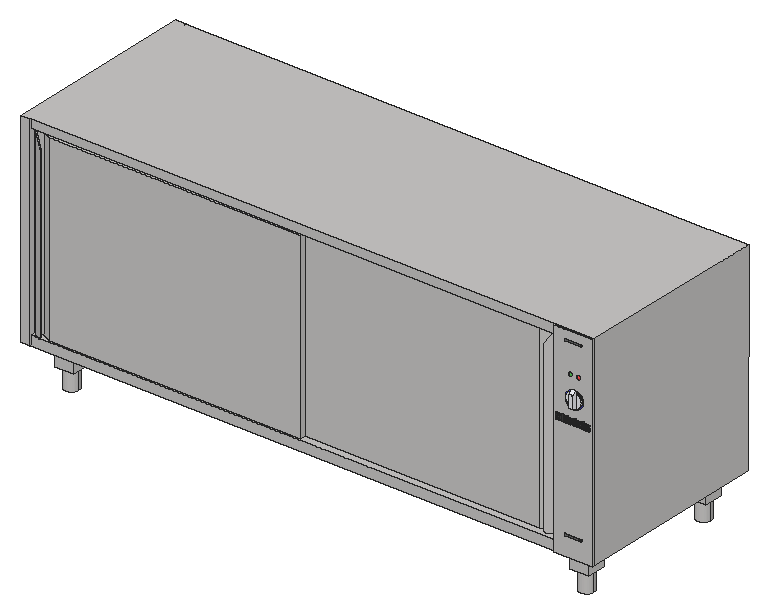
Revit family "QF_ELECTROLUXPROFESSIONAL_121923_TE2SE20DA", category Attrezzature speciali, Revit 2020
Family settings
  Quota connettore circolare = Usa diametro
  Tipo di parte = Normale
  Basato su piano di lavoro = No
  Sempre verticale = Sì
  Taglio con vuoti quando caricato = No
  Condiviso = No
  Punto di calcolo locali = No
Parameters (values of type "Standard")
  Weight = 138.00 kg
  Watts = 2000 W
  Volts = 230 V
  URL Manufacturer = "https://www.electroluxprofessional.com/"
  URL = "https://www.electroluxprofessional.com/"
  Steam Supply Size = 0 mm
  Steam Supply Minimum Pressure = 0.0 Pa
  Steam Supply Maximum Pressure = 0.0 Pa
  Steam Consumption per Hour = 0
  Refrigeration Suction Line Size = 0.0 mm
  Refrigeration Liquid Line Size = 0.0 mm
  Refrigerant Compressor Remote = yes
  Prospetto di default = 0.0 mm
  Phase = 1
  Modello = "TE2SE20DA"
  Produttore = "Electrolux Professional"
  Length Actual = 2000.0 mm  # constant formula
  Item Number = "121923"
  Hot Water Size = 0 mm
  Height Actual = 860.0 mm  # constant formula
  HP = "2.7 HP"
  Gas Size = 0 mm
  Gas KW = 0
  Gas Input Pressure = 0 W
  Direct Waste Size = 0 mm
  Descrizione = "HOT CUPB.PASSTH.2+2 SLIDING DOORS 2000MM"
  Depth Actual = 680.0 mm  # constant formula
  Cycle = 50 Hz
  Condensate Return Size = 0 mm
  Compressed Air Volume = 0.0 L/s
  Compressed Air Size = 0 mm
  Compressed Air Pressure = 0.0 Pa
  Cold Water Size = 0 mm
  Accessory = yes
Reference planes
  plane 1 "Center (Front/Back)": y = 0
  plane 2: z = 0
  plane 3 "Center (Left/Right)": x = -300
  plane 4 "LEFT": x = -1300
  plane 5 "RIGHT": x = 700
  plane 6 "BACK": y = 340
  plane 7 "FRONT": y = -340
  plane 8 "Base": z = 860
  plane 9 "TOP": z = 900
  plane 10: x = -1200
  plane 11: x = 600
  plane 12: y = 270
  plane 13: y = -240
  plane 14 "FEET": z = 150
  plane 15: x = -1266
  plane 16: y = -337
  plane 17: y = 310
  plane 18: x = 566
  plane 19 "EIy": x = 668
  plane 20 "EIx": y = -90
  plane 21: y = 337
Forms (mm)
  Extrusion 1, solid, material "QF_Finishes_Stainless Steel"
    sketch origin (0, 0, 150) x (-1, 0, 0) y (0, -1, 0)
      loop
        line (1300, -340) -> (1300, 340) -> (1266, 340) -> (1266, -340) -> (1300, -340)
      loop
        line (-566, -340) -> (-566, 337) -> (-700, 337) -> (-700, -340) -> (-566, -340)
    from 0 to 710
  Extrusion 2, solid, material "QF_Finishes_Stainless Steel"
    sketch origin (0, 0, 150) x (-1, 0, 0) y (0, -1, 0)
      loop
        line (1266, -310) -> (1266, 337) -> (-566, 337) -> (-566, -310) -> (1266, -310)
    from 0 to 35
  Extrusion 3, solid, material "QF_Finishes_Stainless Steel"
    sketch origin (0, 0, 0) x (1, 0, 0) y (0, 1, 0)
      loop
        line (-1266, -337) -> (566, -337) -> (566, 337) -> (-1266, 337) -> (-1266, -337)
    from 830 to 860
  Extrusion 4, solid, material "QF_Finishes_Stainless Steel"
    sketch origin (0, -340, 0) x (-1, 0, 0) y (0, 0, 1)
      loop
        line (301, 185) -> (301, 187) -> (299, 187) -> (299, 185) -> (301, 185)
    from 45 to 43
  Extrusion 5, solid, material "QF_Finishes_Stainless Steel"
    sketch origin (0, 0, 150) x (-1, 0, 0) y (0, -1, 0)
      loop
        circle (-668, 90) r 10
    from 0 to -5
  Extrusion 6, solid, material "QF_Finishes_Stainless Steel"
    sketch origin (0, 0, 150) x (-1, 0, 0) y (0, -1, 0)
      loop
        line (376.5, 317) -> (-498, 317) -> (-533, 302) -> (-563, 302) -> (-563, 297) -> (376.5, 297) -> (376.5, 317)
    from 675 to 40
  Extrusion 7, solid, material "QF_Finishes_Stainless Steel"
    sketch origin (0, 0, 150) x (-1, 0, 0) y (0, -1, 0)
      loop
        line (-521, 331) -> (-549, 316) -> (-563, 302) -> (-560.172, 302) -> (-547.795, 314.377) -> (-520.056, 329.237) -> (-521, 331)
    from 675 to 40
  Extrusion 8, solid, material "QF_Finishes_Stainless Steel"
    sketch origin (0, 0, 150) x (-1, 0, 0) y (0, -1, 0)
      loop
        line (323.481, 337) -> (323.481, 317) -> (1263, 317) -> (1263, 322) -> (1233, 322) -> (1198, 337) -> (323.481, 337)
    from 675 to 40
  Extrusion 9, solid, material "QF_Finishes_Stainless Steel"
    sketch origin (0, 0, 150) x (-1, 0, 0) y (0, -1, 0)
      loop
        line (1221, 351) -> (1220.056, 349.237) -> (1247.795, 334.377) -> (1260.172, 322) -> (1263, 322) -> (1249, 336) -> (1221, 351)
    from 675 to 40
  Extrusion 10, solid, material "QF_Finishes_Stainless Steel"
    sketch origin (0, 340, 0) x (-1, 0, 0) y (0, 0, -1)
      loop
        line (301, -185) -> (299, -185) -> (299, -187) -> (301, -187) -> (301, -185)
    from 45 to 43
  Extrusion 11, solid, material "QF_Finishes_Stainless Steel"
    sketch origin (0, 0, 150) x (-1, 0, 0) y (0, -1, 0)
      loop
        line (376.5, -317) -> (376.5, -297) -> (-563, -297) -> (-563, -302) -> (-533, -302) -> (-498, -317) -> (376.5, -317)
    from 675 to 40
  Extrusion 12, solid, material "QF_Finishes_Stainless Steel"
    sketch origin (0, 0, 150) x (-1, 0, 0) y (0, -1, 0)
      loop
        line (-521, -331) -> (-520.056, -329.237) -> (-547.795, -314.377) -> (-560.172, -302) -> (-563, -302) -> (-549, -316) -> (-521, -331)
    from 675 to 40
  Extrusion 13, solid, material "QF_Finishes_Stainless Steel"
    sketch origin (0, 0, 150) x (-1, 0, 0) y (0, -1, 0)
      loop
        line (323.481, -337) -> (1198, -337) -> (1233, -322) -> (1263, -322) -> (1263, -317) -> (323.481, -317) -> (323.481, -337)
    from 675 to 40
  Extrusion 14, solid, material "QF_Finishes_Stainless Steel"
    sketch origin (0, 0, 150) x (-1, 0, 0) y (0, -1, 0)
      loop
        line (1221, -351) -> (1249, -336) -> (1263, -322) -> (1260.172, -322) -> (1247.795, -334.377) -> (1220.056, -349.237) -> (1221, -351)
    from 675 to 40
  Extrusion 15, void
    sketch origin (-318.5, -342.5, 2435) x (-1, 0, 0) y (0, 0, 1)
      loop
        line (897, -1610) -> (897, -1661.75) -> (931.5, -1610) -> (897, -1610)
      loop
        line (901.556, -2245) -> (911.556, -2245)
        arc (911.556, -2245) -> (904.484, -2242.071) -> (901.556, -2235) r 10
        line (901.556, -2235) -> (901.556, -2245)
    from -13.118 to 9.689
  Extrusion 16, void
    sketch origin (-318.5, 342.5, 2436.5) x (-1, 0, 0) y (0, 0, -1)
      loop
        line (897, 1610) -> (931.5, 1610) -> (897, 1661.75) -> (897, 1610)
      loop
        line (901.556, 2245) -> (901.556, 2235)
        arc (901.556, 2235) -> (904.484, 2242.071) -> (911.556, 2245) r 10
        line (911.556, 2245) -> (901.556, 2245)
    from -13.118 to 9.689
  Extrusion 17, void
    sketch origin (-481.5, -342.5, 2430) x (1, 0, 0) y (0, 0, -1)
      loop
        line (997, 1605) -> (1031.5, 1605) -> (997, 1656.75) -> (997, 1605)
      loop
        line (1001.556, 2240) -> (1001.556, 2230)
        arc (1001.556, 2230) -> (1004.484, 2237.071) -> (1011.556, 2240) r 10
        line (1011.556, 2240) -> (1001.556, 2240)
    from 5.5 to 29.918
  Extrusion 18, void
    sketch origin (-481.5, 342.5, 2430) x (1, 0, 0) y (0, 0, 1)
      loop
        line (997, -1605) -> (997, -1656.75) -> (1031.5, -1605) -> (997, -1605)
      loop
        line (1001.556, -2240) -> (1011.556, -2240)
        arc (1011.556, -2240) -> (1004.484, -2237.071) -> (1001.556, -2230) r 10
        line (1001.556, -2230) -> (1001.556, -2240)
    from 5.5 to 29.918
Cuts and joins
  joined: Extrusion 1, Extrusion 3
  Extrusion 17 cuts Extrusion 7
  Extrusion 15 cuts Extrusion 9
  Extrusion 16 cuts Extrusion 14
  Extrusion 18 cuts Extrusion 12
Lines and regions (mm)
  symbolic lines, style "SpecialityEquipmentHiddenLines"
    curve 1: line (700, -340, 900) -> (700, 340, 900)
    curve 2: line (-1300, -344.5, 150) -> (-1300, 340, 150)
    curve 3: line (-1300, -340, 150) -> (-1266, -340, 150)
    curve 4: line (-1266, -340, 150) -> (-1266, -337, 150)
    curve 5: line (-1266, -337, 150) -> (566, -337, 150)
    curve 6: line (566, -337, 150) -> (566, -340, 150)
    curve 7: line (566, -340, 150) -> (700, -340, 150)
    curve 8: line (568, -340, 1600) -> (568, -337, 1600)
    curve 10: line (-1268, -337, 1600) -> (-1268, -340, 1600)
    curve 11: line (566, -297, 200) -> (-376.5, -297, 200)
    curve 12: line (-376.5, -297, 200) -> (-376.5, -317, 200)
    curve 13: line (499, -317, 200) -> (-1263, -317, 200)
    curve 17: line (-323.5, -317, 200) -> (-323.5, -337, 200)
    curve 18: line (498, -317, 1600) -> (533, -302, 1600)
    curve 19: line (533, -302, 1600) -> (563, -302, 1600)
    curve 20: line (563, -302, 1600) -> (563, -297, 1600)
    curve 21: line (520.958, -331.023, 1600) -> (548.999, -316.001, 1600)
    curve 22: line (548.999, -316.001, 1600) -> (563, -302, 1600)
    curve 23: line (560.172, -302, 1600) -> (547.795, -314.377, 1600)
    curve 24: line (547.795, -314.377, 1600) -> (519.992, -329.271, 1600)
    curve 25: line (519.992, -329.271, 1600) -> (520.958, -331.023, 1600)
    curve 26: line (-1263, -317, 1600) -> (-1263, -322, 1600)
    curve 27: line (-1263, -322, 1600) -> (-1249, -336, 1600)
    curve 28: line (-1249, -336, 1600) -> (-1247.133, -337, 1600)
    curve 29: line (-1242.884, -337, 1600) -> (-1247.955, -334.283, 1600)
    curve 30: line (-1247.955, -334.283, 1600) -> (-1260.239, -322, 1600)
    curve 31: line (-1198, -337, 1600) -> (-1233, -322, 1600)
    curve 32: line (-1233, -322, 1600) -> (-1263, -322, 1600)
    curve 33: line (-1300, 340, 150) -> (-1266, 340, 150)
    curve 34: line (-1266, 340, 150) -> (-1266, 337, 150)
    curve 35: line (-1266, 337, 150) -> (566, 337, 150)
    curve 36: line (566, 337, 150) -> (566, 340, 150)
    curve 37: line (566, 340, 150) -> (700, 340, 150)
    curve 38: line (568, 340, 1600) -> (568, 337, 1600)
    curve 40: line (-1268, 337, 1600) -> (-1268, 340, 1600)
    curve 41: line (566, 297, 200) -> (-376.5, 297, 200)
    curve 42: line (-376.5, 297, 200) -> (-376.5, 317, 200)
    curve 43: line (499, 317, 200) -> (-1263, 317, 200)
    curve 47: line (-323.5, 317, 200) -> (-323.5, 337, 200)
    curve 48: line (498, 317, 1600) -> (533, 302, 1600)
    curve 49: line (533, 302, 1600) -> (563, 302, 1600)
    curve 50: line (563, 302, 1600) -> (563, 297, 1600)
    curve 51: line (520.958, 331.023, 1600) -> (548.999, 316.001, 1600)
    curve 52: line (548.999, 316.001, 1600) -> (563, 302, 1600)
    curve 53: line (560.172, 302, 1600) -> (547.795, 314.377, 1600)
    curve 54: line (547.795, 314.377, 1600) -> (519.992, 329.271, 1600)
    curve 55: line (519.992, 329.271, 1600) -> (520.958, 331.023, 1600)
    curve 56: line (-1263, 317, 1600) -> (-1263, 322, 1600)
    curve 57: line (-1263, 322, 1600) -> (-1249, 336, 1600)
    curve 58: line (-1249, 336, 1600) -> (-1247.133, 337, 1600)
    curve 59: line (-1242.884, 337, 1600) -> (-1247.955, 334.283, 1600)
    curve 60: line (-1247.955, 334.283, 1600) -> (-1260.239, 322, 1600)
    curve 61: line (-1198, 337, 1600) -> (-1233, 322, 1600)
    curve 62: line (-1233, 322, 1600) -> (-1263, 322, 1600)
  symbolic lines, style "SpecialityEquipment"
    curve 9: line (568, -337, 1600) -> (-1268, -337, 1600)
    curve 14: line (-1247.133, -337, 1600) -> (-1220.985, -351.008, 1600)
    curve 15: line (-1220.985, -351.008, 1600) -> (-1220.038, -349.239, 1600)
    curve 16: line (-1242.884, -337, 1600) -> (-1220.038, -349.239, 1600)
    curve 39: line (568, 337, 1600) -> (-1268, 337, 1600)
    curve 44: line (-1247.133, 337, 1600) -> (-1220.985, 351.008, 1600)
    curve 45: line (-1220.985, 351.008, 1600) -> (-1220.038, 349.239, 1600)
    curve 46: line (-1242.884, 337, 1600) -> (-1220.038, 349.239, 1600)
Dimensions and locks
  plane 4 "LEFT" to plane 5 "RIGHT" = 2000.0 mm
  equal spacing: plane 4 "LEFT", plane 3 "Center (Left/Right)", plane 5 "RIGHT"
  plane 6 "BACK" to plane 7 "FRONT" = 680.0 mm
  equal spacing: plane 6 "BACK", plane 1 "Center (Front/Back)", plane 7 "FRONT"
  locked: plane 14 "FEET" to level at 150
  locked: plane 4 "LEFT" to plane 10 at 100
  locked: plane 11 to plane 5 "RIGHT" at 100
  locked: plane 4 "LEFT" to plane 15 at 34
  plane 16 to plane 7 "FRONT" = 3.0 mm
  plane 6 "BACK" to plane 17 = 30.0 mm
  locked: plane 6 "BACK" to plane 12 at 70
  locked: plane 13 to plane 7 "FRONT" at 100
  locked: plane 8 "Base" to level at 860
  locked: plane 9 "TOP" to level at 900
  locked: plane 18 to plane 5 "RIGHT" at 134
  locked: plane 19 "EIy" to plane 5 "RIGHT" at 32
  locked: plane 20 "EIx" to plane 7 "FRONT" at 250
  aligned and locked: level to plane 2
  aligned and locked: plane 10 to nested 1
  aligned and locked: plane 11 to nested 2
  aligned and locked: nested 4 to plane 12
  aligned and locked: plane 10 to nested 3
  aligned and locked: nested 3 to plane 12
  aligned and locked: plane 8 "Base" to Extrusion 1
  aligned and locked: plane 6 "BACK" to Extrusion 1 sketch curve
  aligned and locked: Extrusion 1 sketch curve to plane 6 "BACK"
  aligned and locked: Extrusion 1 sketch curve to plane 7 "FRONT"
  aligned and locked: plane 15 to Extrusion 1
  aligned and locked: Extrusion 2 to plane 15
  aligned and locked: plane 8 "Base" to Extrusion 3
  aligned and locked: Extrusion 2 to plane 16
  aligned and locked: Extrusion 2 to plane 17
  aligned and locked: Extrusion 3 to plane 16
  aligned and locked: nested 1 to plane 13
  aligned and locked: nested 2 to plane 13
  aligned and locked: plane 18 to Extrusion 3
  aligned and locked: Extrusion 2 sketch curve to plane 18
  aligned and locked: plane 11 to nested 4
Automatic sketch dimensions
  curve 1 to plane 5 "RIGHT" = 0.0 mm
  curve 1 to plane 7 "FRONT" = 0.0 mm
  curve 1 to plane 6 "BACK" = 0.0 mm
  Extrusion 1 sketch curve to plane 5 "RIGHT" = 0.0 mm
  Extrusion 1 sketch curve to plane 16 = 0.0 mm
  Extrusion 1 sketch curve to plane 18 = 0.0 mm
  Extrusion 1 sketch curve to plane 15 = 0.0 mm
  Extrusion 1 sketch curve to plane 4 "LEFT" = 0.0 mm
  Extrusion 2 sketch curve to plane 15 = 0.0 mm
  plane 17 to Extrusion 2 sketch curve = 0.0 mm
  Extrusion 2 sketch curve to plane 16 = 0.0 mm
  curve 7 to plane 5 "RIGHT" = 0.0 mm
  curve 37 to plane 5 "RIGHT" = 0.0 mm
  curve 37 to plane 6 "BACK" = 0.0 mm
  curve 37 to plane 18 = 0.0 mm
  curve 7 to plane 7 "FRONT" = 0.0 mm
  curve 7 to plane 18 = 0.0 mm
  curve 5 to plane 15 = 0.0 mm
  curve 33 to plane 6 "BACK" = 0.0 mm
  curve 33 to plane 15 = 0.0 mm
  curve 2 to plane 4 "LEFT" = 0.0 mm
  curve 34 to plane 21 = 0.0 mm
  curve 4 to plane 16 = 0.0 mm
  curve 4 to plane 7 "FRONT" = 0.0 mm
  curve 3 to curve 2 = 4.5 mm
  Extrusion 3 sketch curve to plane 15 = 0.0 mm
  Extrusion 3 sketch curve to plane 18 = 0.0 mm
  Extrusion 3 sketch curve to plane 16 = 0.0 mm
  Extrusion 3 sketch curve to plane 21 = 0.0 mm
  plane 3 "Center (Left/Right)" to Extrusion 4 sketch curve = 1.0 mm
  Extrusion 4 sketch curve to plane 3 "Center (Left/Right)" = 1.0 mm
  plane 14 "FEET" to Extrusion 4 sketch curve = 35.0 mm
  Extrusion 4 sketch curve to Extrusion 4 sketch curve = 2.0 mm
  Extrusion 5 sketch curve to plane 19 "EIy" = 0.0 mm
  Extrusion 5 sketch curve to plane 20 "EIx" = 0.0 mm
  Extrusion 6 sketch curve to plane 18 = 3.0 mm
  Extrusion 6 sketch curve to Extrusion 6 sketch curve = 30.0 mm
  Extrusion 6 sketch curve to Extrusion 6 sketch curve = 35.0 mm
  Extrusion 6 sketch curve to plane 3 "Center (Left/Right)" = 76.5 mm
  plane 16 to Extrusion 6 sketch curve = 40.0 mm
  Extrusion 6 sketch curve to Extrusion 6 sketch curve = 5.0 mm
  Extrusion 6 sketch curve to Extrusion 6 sketch curve = 20.0 mm
  Extrusion 7 sketch curve to plane 18 = 3.0 mm
  Extrusion 7 sketch curve to Extrusion 7 sketch curve = 2.828 mm
  Extrusion 7 sketch curve to plane 18 = 17.0 mm
  Extrusion 7 sketch curve to Extrusion 7 sketch curve = 1.205 mm
  plane 16 to Extrusion 7 sketch curve = 6.0 mm
  Extrusion 7 sketch curve to Extrusion 7 sketch curve = 26.795 mm
  plane 16 to Extrusion 7 sketch curve = 7.763 mm
  Extrusion 7 sketch curve to Extrusion 7 sketch curve = 0.944 mm
  Extrusion 7 sketch curve to Extrusion 7 sketch curve = 12.377 mm
  Extrusion 8 sketch curve to plane 16 = 0.0 mm
  Extrusion 8 sketch curve to plane 3 "Center (Left/Right)" = 23.481 mm
  plane 10 to Extrusion 8 sketch curve = 2.0 mm
  plane 16 to Extrusion 8 sketch curve = 15.0 mm
  Extrusion 8 sketch curve to plane 10 = 33.0 mm
  plane 15 to Extrusion 8 sketch curve = 3.0 mm
  Extrusion 8 sketch curve to Extrusion 8 sketch curve = 20.0 mm
  Extrusion 9 sketch curve to plane 10 = 20.056 mm
  Extrusion 9 sketch curve to plane 7 "FRONT" = 11.0 mm
  Extrusion 9 sketch curve to Extrusion 9 sketch curve = 0.944 mm
  plane 16 to Extrusion 9 sketch curve = 2.623 mm
  plane 15 to Extrusion 9 sketch curve = 18.205 mm
  plane 16 to Extrusion 9 sketch curve = 1.0 mm
  plane 15 to Extrusion 9 sketch curve = 5.828 mm
  Extrusion 9 sketch curve to Extrusion 9 sketch curve = 2.828 mm
  plane 16 to Extrusion 9 sketch curve = 15.0 mm
  curve 8 to plane 7 "FRONT" = 0.0 mm
  curve 8 to plane 16 = 0.0 mm
  curve 39 to plane 21 = 0.0 mm
  curve 38 to plane 6 "BACK" = 0.0 mm
  curve 10 to plane 7 "FRONT" = 0.0 mm
  curve 40 to plane 6 "BACK" = 0.0 mm
  plane 18 to curve 8 = 2.0 mm
  plane 18 to curve 39 = 2.0 mm
  curve 22 to plane 18 = 3.0 mm
  curve 52 to plane 18 = 3.0 mm
  curve 51 to plane 17 = 6.001 mm
  curve 51 to plane 18 = 17.001 mm
  curve 22 to plane 18 = 17.001 mm
  curve 53 to plane 17 = 4.377 mm
  curve 51 to curve 53 = 1.204 mm
  curve 21 to curve 24 = 1.204 mm
  plane 17 to curve 48 = 8.0 mm
  curve 53 to curve 48 = 14.795 mm
  curve 23 to curve 18 = 14.795 mm
  plane 16 to curve 25 = 5.977 mm
  curve 18 to curve 25 = 12.042 mm
  curve 55 to plane 21 = 5.977 mm
  curve 48 to curve 55 = 12.042 mm
  curve 55 to plane 21 = 7.729 mm
  curve 51 to curve 55 = 0.966 mm
  plane 16 to curve 24 = 7.729 mm
  curve 21 to curve 24 = 0.966 mm
  curve 15 to plane 7 "FRONT" = 9.239 mm
  curve 15 to plane 10 = 20.038 mm
  plane 6 "BACK" to curve 46 = 9.239 mm
  curve 46 to plane 10 = 20.038 mm
  curve 15 to plane 7 "FRONT" = 11.008 mm
  curve 15 to curve 15 = 0.948 mm
  plane 6 "BACK" to curve 44 = 11.008 mm
  curve 45 to curve 44 = 0.948 mm
  curve 62 to curve 46 = 9.884 mm
  plane 16 to curve 31 = 15.0 mm
  curve 31 to curve 16 = 9.884 mm
  curve 60 to plane 21 = 2.717 mm
  curve 44 to curve 60 = 0.822 mm
  plane 16 to curve 29 = 2.717 mm
  curve 14 to curve 29 = 0.822 mm
  curve 57 to plane 21 = 1.0 mm
  curve 59 to curve 57 = 1.045 mm
  plane 16 to curve 27 = 1.0 mm
  curve 29 to curve 27 = 1.045 mm
  plane 15 to curve 56 = 3.0 mm
  plane 15 to curve 32 = 3.0 mm
  curve 40 to plane 15 = 2.0 mm
  curve 9 to plane 15 = 2.0 mm
  curve 61 to plane 17 = 12.0 mm
  curve 19 to curve 24 = 27.271 mm
  curve 23 to curve 23 = 12.377 mm
  curve 23 to curve 21 = 1.624 mm
  curve 49 to curve 53 = 2.828 mm
  curve 19 to curve 23 = 2.828 mm
  curve 48 to plane 17 = 7.0 mm
  curve 54 to curve 48 = 21.992 mm
  plane 16 to curve 18 = 20.0 mm
  curve 24 to curve 18 = 21.992 mm
  plane 10 to curve 61 = 2.0 mm
  plane 10 to curve 31 = 2.0 mm
  curve 59 to curve 46 = 0.0 mm
  curve 29 to curve 16 = 0.0 mm
  curve 58 to curve 44 = 0.0 mm
  curve 28 to curve 14 = 0.0 mm
  curve 60 to curve 56 = 2.761 mm
  curve 30 to curve 26 = 2.761 mm
  curve 56 to curve 56 = 5.0 mm
  curve 49 to curve 50 = 5.0 mm
  curve 20 to curve 19 = 5.0 mm
  curve 26 to curve 26 = 5.0 mm
  curve 11 to plane 18 = 0.0 mm
  curve 41 to plane 18 = 0.0 mm
  curve 17 to plane 16 = 0.0 mm
  curve 47 to plane 21 = 0.0 mm
  plane 17 to curve 41 = 13.0 mm
  curve 41 to plane 3 "Center (Left/Right)" = 76.5 mm
  curve 11 to plane 3 "Center (Left/Right)" = 76.5 mm
  plane 16 to curve 11 = 40.0 mm
  plane 16 to curve 13 = 20.0 mm
  curve 13 to plane 18 = 67.0 mm
  curve 43 to plane 17 = 7.0 mm
  curve 43 to plane 18 = 67.0 mm
  curve 17 to plane 3 "Center (Left/Right)" = 23.5 mm
  curve 47 to plane 3 "Center (Left/Right)" = 23.5 mm
  plane 15 to curve 13 = 3.0 mm
  plane 15 to curve 43 = 3.0 mm
  plane 3 "Center (Left/Right)" to Extrusion 10 sketch curve = 1.0 mm
  Extrusion 10 sketch curve to plane 3 "Center (Left/Right)" = 1.0 mm
  plane 14 "FEET" to Extrusion 10 sketch curve = 37.0 mm
  Extrusion 10 sketch curve to Extrusion 10 sketch curve = 2.0 mm
  plane 18 to Extrusion 11 sketch curve = 3.0 mm
  Extrusion 11 sketch curve to plane 17 = 8.0 mm
  Extrusion 11 sketch curve to Extrusion 11 sketch curve = 30.0 mm
  plane 17 to Extrusion 11 sketch curve = 7.0 mm
  Extrusion 11 sketch curve to Extrusion 11 sketch curve = 35.0 mm
  Extrusion 11 sketch curve to plane 17 = 13.0 mm
  plane 3 "Center (Left/Right)" to Extrusion 11 sketch curve = 76.5 mm
  plane 18 to Extrusion 12 sketch curve = 3.0 mm
  Extrusion 12 sketch curve to Extrusion 12 sketch curve = 2.828 mm
  plane 17 to Extrusion 12 sketch curve = 6.0 mm
  plane 18 to Extrusion 12 sketch curve = 17.0 mm
  plane 17 to Extrusion 12 sketch curve = 4.377 mm
  Extrusion 12 sketch curve to Extrusion 12 sketch curve = 1.205 mm
  plane 21 to Extrusion 12 sketch curve = 6.0 mm
  Extrusion 12 sketch curve to Extrusion 12 sketch curve = 26.795 mm
  Extrusion 12 sketch curve to plane 17 = 8.0 mm
  Extrusion 13 sketch curve to plane 21 = 0.0 mm
  plane 3 "Center (Left/Right)" to Extrusion 13 sketch curve = 23.481 mm
  Extrusion 13 sketch curve to plane 10 = 2.0 mm
  plane 17 to Extrusion 13 sketch curve = 12.0 mm
  plane 10 to Extrusion 13 sketch curve = 33.0 mm
  Extrusion 13 sketch curve to plane 15 = 3.0 mm
  plane 17 to Extrusion 13 sketch curve = 7.0 mm
  plane 10 to Extrusion 14 sketch curve = 20.056 mm
  Extrusion 14 sketch curve to plane 6 "BACK" = 11.0 mm
  Extrusion 14 sketch curve to Extrusion 14 sketch curve = 0.944 mm
  plane 21 to Extrusion 14 sketch curve = 2.623 mm
  Extrusion 14 sketch curve to plane 15 = 18.205 mm
  plane 21 to Extrusion 14 sketch curve = 1.0 mm
  Extrusion 14 sketch curve to plane 15 = 5.828 mm
  Extrusion 14 sketch curve to Extrusion 14 sketch curve = 2.828 mm
  plane 17 to Extrusion 14 sketch curve = 12.0 mm
  Extrusion 15 sketch curve to plane 10 = 15.5 mm
  Extrusion 15 sketch curve to plane 10 = 20.056 mm
  Extrusion 15 sketch curve to Extrusion 15 sketch curve = 10.0 mm
  plane 15 to Extrusion 15 sketch curve = 16.0 mm
  plane 14 "FEET" to Extrusion 15 sketch curve = 40.0 mm
  Extrusion 15 sketch curve to plane 8 "Base" = 86.75 mm
  Extrusion 15 sketch curve to plane 8 "Base" = 35.0 mm
  Extrusion 16 sketch curve to plane 10 = 15.5 mm
  Extrusion 16 sketch curve to plane 10 = 20.056 mm
  Extrusion 16 sketch curve to Extrusion 16 sketch curve = 10.0 mm
  plane 15 to Extrusion 16 sketch curve = 16.0 mm
  Extrusion 16 sketch curve to plane 8 "Base" = 33.5 mm
  Extrusion 16 sketch curve to Extrusion 16 sketch curve = 51.75 mm
  plane 14 "FEET" to Extrusion 16 sketch curve = 51.5 mm
  Extrusion 17 sketch curve to plane 18 = 50.5 mm
  Extrusion 17 sketch curve to plane 18 = 45.944 mm
  Extrusion 17 sketch curve to Extrusion 17 sketch curve = 10.0 mm
  Extrusion 17 sketch curve to plane 18 = 16.0 mm
  Extrusion 17 sketch curve to plane 8 "Base" = 35.0 mm
  Extrusion 17 sketch curve to Extrusion 17 sketch curve = 51.75 mm
  plane 14 "FEET" to Extrusion 17 sketch curve = 50.0 mm
  Extrusion 18 sketch curve to plane 18 = 50.5 mm
  Extrusion 18 sketch curve to plane 18 = 45.944 mm
  Extrusion 18 sketch curve to Extrusion 18 sketch curve = 10.0 mm
  Extrusion 18 sketch curve to plane 18 = 16.0 mm
  plane 14 "FEET" to Extrusion 18 sketch curve = 40.0 mm
  Extrusion 18 sketch curve to plane 8 "Base" = 86.75 mm
  Extrusion 18 sketch curve to plane 8 "Base" = 35.0 mm
  radius of Extrusion 5 sketch curve = 10.0 mm
Nested families
  nested 1: "FEET_L65-150" at (-1200, -240, 0), type "FEET_L65-150"
  nested 2: "FEET_L65-150" at (600, -240, 0), type "FEET_L65-150"
  nested 3: "FEET_L65-150" at (-1200, 270, 0), type "FEET_L65-150"
  nested 4: "FEET_L65-150" at (600, 270, 0), type "FEET_L65-150"
  nested 5: "PANEL_ELX_HOTCUP_134" at (596.958, -337, 150) x (1, 0, 0) z (0, -1, 0), type "PANEL_ELX_HOTCUP_134"
    with Width 134.0 mm, Show Clearance yes
Connectors
  electrical at (668, -90, 145), driven by "Volts"
    settings: on Extrusion 5, index 1, voltage 230 V, apparent load 0 VA, apparent load phase1 0 VA, apparent load phase2 0 VA, apparent load phase3 0 VA, power factor 1, load classification "Other", number of poles 1, system type 30, power factor state 1, is connector primary yes, connector utility no, sub classification motor no, connector description "Electrical Connection"
Definition of nested family "FEET_L65-150"
  Parameters
    Default Elevation = 0.0 mm
    FEET = 150.0 mm
  Reference planes
    plane 1 "Center (Front/Back)": y = 0
    plane 2: z = 0
    plane 3 "Center (Left/Right)": x = 0
    plane 4: z = 150
  Forms (mm)
    Extrusion 1, solid
      sketch origin (0, 0, 0) x (1, 0, 0) y (0, 1, 0)
        loop
          circle (0, 0) r 25
      from 0 to 67
    Extrusion 2, solid
      sketch origin (0, 0, 0) x (1, 0, 0) y (0, 1, 0)
        loop
          line (32.561, 32.5) -> (-32.439, 32.5) -> (-32.439, -32.5) -> (32.561, -32.5) -> (32.561, 32.5)
      from 67 to 150 <- "FEET"
  Lines and regions (mm)
    symbolic lines
      curve 1: line (0, -1.503, 0) -> (0, 1.508, 0)
      curve 2: line (1.561, 0, 0) -> (-1.439, 0, 0)
  Dimensions and locks
    "FEET": plane 4 to plane 2
    aligned and locked: level to plane 2
  Automatic sketch dimensions
    plane 1 "Center (Front/Back)" to Extrusion 1 sketch curve = 0.0 mm
    Extrusion 1 sketch curve to plane 3 "Center (Left/Right)" = 0.0 mm
    plane 1 "Center (Front/Back)" to curve 2 = 0.0 mm
    curve 1 to plane 3 "Center (Left/Right)" = 0.0 mm
    curve 2 to plane 3 "Center (Left/Right)" = 1.439 mm
    plane 3 "Center (Left/Right)" to curve 2 = 1.561 mm
    plane 1 "Center (Front/Back)" to curve 1 = 1.503 mm
    curve 1 to plane 1 "Center (Front/Back)" = 1.508 mm
    Extrusion 2 sketch curve to plane 1 "Center (Front/Back)" = 32.5 mm
    Extrusion 2 sketch curve to plane 3 "Center (Left/Right)" = 32.439 mm
    plane 3 "Center (Left/Right)" to Extrusion 2 sketch curve = 32.561 mm
    plane 1 "Center (Front/Back)" to Extrusion 2 sketch curve = 32.5 mm
    radius of Extrusion 1 sketch curve = 25.0 mm
Definition of nested family "PANEL_ELX_HOTCUP_134"
  Parameters
    Width [instance] = 134.0 mm
    Show Clearance [instance] = yes
    Model = "727995"
    Height = 710.0 mm
    Default Elevation = 0.0 mm
  Reference planes
    plane 1 "Center (Front/Back)": y = 0
    plane 2: z = 0
    plane 3 "Center (Left/Right)": x = 36.042
    plane 4 "panel": z = 3
    plane 5 "Left": x = -30.958
    plane 6 "Right": x = 103.042
    plane 7: y = 710
    plane 8 "L1": x = 26.042
    plane 9 "L2": x = 54.042
    plane 10: y = 575
  Forms (mm)
    Extrusion 1, solid
      sketch origin (0, -919.2, 0) x (1, 0, 0) y (0, 1, 0)
        loop
          line (-980.5, 2119.2) -> (-980.5, -162.846) -> (881.94, -162.846) -> (881.94, 2119.2) -> (-980.5, 2119.2)
      from 0 to -59.546
    Extrusion 2, solid
      sketch origin (36.042, -190, 0) x (0, 1, 0) y (0, 0, 1)
        loop
          line (190, 3) -> (190, 0) -> (900, 0) -> (900, 3) -> (190, 3)
      from 67 to -67
    Extrusion 3, solid
      sketch origin (0, 0, 0) x (1, 0, 0) y (0, 1, 0)
        loop
          line (9.042, 673.5) -> (63.042, 673.5)
          arc (63.042, 673.5) -> (66.042, 676.5) -> (63.042, 679.5) r 3
          line (63.042, 679.5) -> (9.042, 679.5)
          arc (9.042, 679.5) -> (6.042, 676.5) -> (9.042, 673.5) r 3
        loop
          line (9.042, 65) -> (63.042, 65)
          arc (63.042, 65) -> (66.042, 68) -> (63.042, 71) r 3
          line (63.042, 71) -> (9.042, 71)
          arc (9.042, 71) -> (6.042, 68) -> (9.042, 65) r 3
      from 3 to 4.6
    Extrusion 4, solid
      sketch origin (0, 0, 0) x (1, 0, 0) y (0, 1, 0)
        loop
          circle (40.042, 500) r 30
      from 0 to 5
    Extrusion 5, solid
      sketch origin (0, 0, 0) x (1, 0, 0) y (0, 1, 0)
        loop
          circle (40.042, 500) r 26.788
      from 7 to 5
    Blend 6, solid
      base sketch origin (0, 0, 0) x (1, 0, 0) y (0, 1, 0)
        loop
          arc (48.106, 530.45) -> (40.022, 531.5) -> (31.94, 530.44) r 31.5
          line (31.94, 530.44) -> (31.94, 474.458)
          arc (31.94, 474.458) -> (40.023, 473.209) -> (48.106, 474.454) r 26.815
          line (48.106, 474.454) -> (48.106, 530.45)
      top sketch origin (0, 0, 0) x (1, 0, 0) y (0, 1, 0)
        loop
          arc (47.007, 520.889) -> (40.042, 522.019) -> (33.077, 520.889) r 22.019
          line (33.077, 520.889) -> (33.077, 480.699)
          arc (33.077, 480.699) -> (40.042, 479.481) -> (47.007, 480.699) r 20.519
          line (47.007, 480.699) -> (47.007, 520.889)
      from 7 to 20
    Revolve 7, solid
      sketch origin (26.042, 0, 0) x (0, 1, 0) y (0, 0, 1)
        loop
          line (575, 3) -> (581, 3)
          arc (581, 3) -> (578.606, 5.908) -> (575, 7) r 6.5
          line (575, 7) -> (575, 3)
        axis (575, 7) -> (575, 3)
      angle from 0 to 360
    Revolve 8, solid
      sketch origin (54.042, 0, 0) x (0, 1, 0) y (0, 0, 1)
        loop
          line (575, 3) -> (581, 3)
          arc (581, 3) -> (578.606, 5.908) -> (575, 7) r 6.5
          line (575, 7) -> (575, 3)
        axis (575, 7) -> (575, 3)
      angle from 0 to 360
  Dimensions and locks
    plane 4 "panel" to level = 3.0 mm
    "Width": plane 5 "Left" to plane 6 "Right"
    equal spacing: plane 5 "Left", plane 3 "Center (Left/Right)", plane 6 "Right"
    "Height": plane 1 "Center (Front/Back)" to plane 7
    aligned and locked: plane 2 to Extrusion 1
    aligned and locked: level to Extrusion 1
    aligned and locked: plane 7 to Extrusion 2
    aligned and locked: plane 6 "Right" to Extrusion 2
    aligned and locked: Extrusion 2 to plane 5 "Left"
    aligned and locked: plane 1 "Center (Front/Back)" to Extrusion 2
  Automatic sketch dimensions
    Extrusion 1 sketch curve to Extrusion 1 sketch curve = 1862.44 mm
    Extrusion 1 sketch curve to Extrusion 1 sketch curve = 2282.046 mm
    Extrusion 2 sketch curve to plane 1 "Center (Front/Back)" = 0.0 mm
    Extrusion 2 sketch curve to level = 0.0 mm
    Extrusion 2 sketch curve to plane 7 = 0.0 mm
    Extrusion 2 sketch curve to plane 4 "panel" = 0.0 mm
    Extrusion 3 sketch curve to plane 8 "L1" = 17.0 mm  (x2)
    plane 9 "L2" to Extrusion 3 sketch curve = 9.0 mm  (x2)
    Extrusion 3 sketch curve to plane 1 "Center (Front/Back)" = 65.0 mm
    Extrusion 3 sketch curve to Extrusion 3 sketch curve = 3.0 mm  (x2)
    Extrusion 3 sketch curve to plane 7 = 36.5 mm
    plane 3 "Center (Left/Right)" to Extrusion 4 sketch curve = 4.0 mm
    Extrusion 4 sketch curve to plane 10 = 75.0 mm
    plane 3 "Center (Left/Right)" to Extrusion 5 sketch curve = 4.0 mm
    Extrusion 5 sketch curve to plane 10 = 75.0 mm
    Blend 6 sketch curve to plane 3 "Center (Left/Right)" = 4.102 mm
    plane 3 "Center (Left/Right)" to Blend 6 sketch curve = 3.988 mm
    Blend 6 sketch curve to Blend 6 sketch curve = 0.012 mm
    Blend 6 sketch curve to plane 9 "L2" = 5.936 mm
    Blend 6 sketch curve to plane 10 = 100.546 mm
    Blend 6 sketch curve to Blend 6 sketch curve = 0.004 mm
    Blend 6 sketch curve to Blend 6 sketch curve = 0.024 mm
    Blend 6 sketch curve to Blend 6 sketch curve = 30.416 mm
    Blend 6 sketch curve to Blend 6 sketch curve = 0.0 mm  (x2)
    Blend 6 sketch curve to plane 3 "Center (Left/Right)" = 2.965 mm
    plane 3 "Center (Left/Right)" to Blend 6 sketch curve = 4.0 mm
    Blend 6 sketch curve to plane 9 "L2" = 7.035 mm
    Blend 6 sketch curve to plane 10 = 94.301 mm
    Blend 6 sketch curve to Blend 6 sketch curve = 19.301 mm
    Blend 6 sketch curve to Blend 6 sketch curve = 20.889 mm
    Revolve 7 sketch curve to plane 4 "panel" = 0.0 mm
    Revolve 7 sketch curve to plane 10 = 0.0 mm  (x2)
    plane 10 to Revolve 7 sketch curve = 6.0 mm
    level to Revolve 7 sketch curve = 0.5 mm
    Revolve 7 sketch curve to Revolve 7 sketch curve = 0.57 mm
    Revolve 7 sketch curve to Revolve 7 sketch curve = 2.941 mm
    Revolve 8 sketch curve to plane 4 "panel" = 0.0 mm
    Revolve 8 sketch curve to plane 10 = 0.0 mm  (x2)
    plane 10 to Revolve 8 sketch curve = 6.0 mm
    level to Revolve 8 sketch curve = 0.5 mm
    Revolve 8 sketch curve to Revolve 8 sketch curve = 0.57 mm
    Revolve 8 sketch curve to Revolve 8 sketch curve = 2.941 mm
    radius of Extrusion 4 sketch curve = 30.0 mm
    radius of Extrusion 5 sketch curve = 26.788 mm
  Nested families
    nested 1: "ELX_Professional_Logo_Small" at (36.042, 430.35, 3), type "ELX_Professional_Logo_Small"
      with Show Logo yes, Material_Logo none
  Definition of nested family "ELX_Professional_Logo_Small"
    Parameters
      Show Logo [instance] = yes
      Material_Logo [instance] = none
      Default Elevation = 0.0 mm
    Reference planes
      plane 1 "Centro (Fronte/Retro)": y = 0
      plane 2: z = 0
      plane 3 "Centro (Sinistra/Destra)": x = 0
    Forms (mm)
      Extrusion 1, solid
        sketch origin (0, 0, 0) x (1, 0, 0) y (0, 1, 0)
          loop
            line (-1219.2, 1219.2) -> (-1219.2, -1219.2) -> (1219.2, -1219.2) -> (1219.2, 1219.2) -> (-1219.2, 1219.2)
        from 0 to -304.8
      Extrusion 2, solid, material <- "Material_Logo"
        sketch origin (15.5, 0, 0) x (1, 0, 0) y (0, 1, 0)
          loop
            spline (-42.99, -1.24) -> (-43.195, -1.231) -> (-43.415, -1.203) -> (-43.642, -1.152) -> (-43.87, -1.074) -> (-44.095, -0.966) -> (-44.309, -0.825) -> (-44.506, -0.647) -> (-44.681, -0.429) -> (-44.828, -0.167) -> (-44.94, 0.142) -> (-45.011, 0.501) -> (-45.037, 0.915)
            line (-45.037, 0.915) -> (-45.037, 2.748) -> (-38.984, 2.748) -> (-38.984, 5.086) -> (-45.038, 5.086) -> (-45.038, 8.489) -> (-38.599, 8.489) -> (-38.599, 10.82) -> (-47.515, 10.82) -> (-47.515, 1.021)
            spline (-47.515, 1.021) -> (-47.493, 0.418) -> (-47.425, -0.15) -> (-47.311, -0.682) -> (-47.15, -1.175) -> (-46.939, -1.628) -> (-46.678, -2.038) -> (-46.365, -2.404) -> (-46, -2.723) -> (-45.58, -2.995) -> (-45.105, -3.216) -> (-44.573, -3.385) -> (-43.983, -3.499)
            line (-43.983, -3.499) -> (-43.01, -3.569) -> (-38.426, -3.569) -> (-38.426, -1.24) -> (-42.99, -1.24)
          loop
            line (-36.666, 4.021) -> (-36.666, -3.573) -> (-34.188, -3.573) -> (-34.188, 10.824) -> (-36.666, 10.824) -> (-36.666, 4.021)
          loop
            spline (-21.915, 1.897) -> (-21.957, 2.615) -> (-22.082, 3.303) -> (-22.285, 3.955) -> (-22.563, 4.564) -> (-22.913, 5.124) -> (-23.331, 5.629) -> (-23.814, 6.074) -> (-24.359, 6.451) -> (-24.961, 6.755) -> (-25.618, 6.98) -> (-26.326, 7.119) -> (-27.081, 7.167)
            spline (-27.081, 7.167) -> (-27.853, 7.122) -> (-28.586, 6.99) -> (-29.275, 6.774) -> (-29.915, 6.478) -> (-30.5, 6.104) -> (-31.024, 5.657) -> (-31.483, 5.138) -> (-31.871, 4.553) -> (-32.182, 3.904) -> (-32.411, 3.194) -> (-32.552, 2.427) -> (-32.6, 1.606)
            spline (-32.6, 1.606) -> (-32.553, 0.805) -> (-32.416, 0.057) -> (-32.193, -0.637) -> (-31.887, -1.271) -> (-31.504, -1.843) -> (-31.048, -2.35) -> (-30.523, -2.788) -> (-29.934, -3.154) -> (-29.284, -3.444) -> (-28.579, -3.656) -> (-27.822, -3.785) -> (-27.019, -3.829)
            spline (-27.019, -3.829) -> (-26.627, -3.82) -> (-26.239, -3.79) -> (-25.856, -3.739) -> (-25.477, -3.663) -> (-25.103, -3.562) -> (-24.734, -3.432) -> (-24.369, -3.273) -> (-24.01, -3.082) -> (-23.655, -2.858) -> (-23.305, -2.597) -> (-22.96, -2.299) -> (-22.621, -1.962)
            line (-22.621, -1.962) -> (-24.114, -0.509)
            spline (-24.114, -0.509) -> (-24.311, -0.699) -> (-24.509, -0.872) -> (-24.71, -1.03) -> (-24.915, -1.172) -> (-25.126, -1.297) -> (-25.346, -1.407) -> (-25.576, -1.5) -> (-25.817, -1.576) -> (-26.072, -1.636) -> (-26.342, -1.678) -> (-26.629, -1.704) -> (-26.936, -1.713)
            spline (-26.936, -1.713) -> (-27.384, -1.691) -> (-27.805, -1.625) -> (-28.196, -1.518) -> (-28.556, -1.372) -> (-28.882, -1.187) -> (-29.174, -0.966) -> (-29.429, -0.71) -> (-29.645, -0.422) -> (-29.821, -0.102) -> (-29.955, 0.247) -> (-30.045, 0.623) -> (-30.089, 1.026)
            line (-30.089, 1.026) -> (-21.956, 1.026) -> (-21.915, 1.897)
          loop
            spline (-24.446, 2.769) -> (-24.47, 3.075) -> (-24.54, 3.37) -> (-24.654, 3.65) -> (-24.807, 3.913) -> (-24.996, 4.156) -> (-25.219, 4.376) -> (-25.472, 4.57) -> (-25.753, 4.736) -> (-26.057, 4.869) -> (-26.382, 4.968) -> (-26.724, 5.03) -> (-27.081, 5.051)
            spline (-27.081, 5.051) -> (-27.464, 5.03) -> (-27.832, 4.97) -> (-28.183, 4.872) -> (-28.513, 4.74) -> (-28.819, 4.577) -> (-29.099, 4.384) -> (-29.347, 4.165) -> (-29.563, 3.923) -> (-29.742, 3.659) -> (-29.881, 3.377) -> (-29.977, 3.079) -> (-30.027, 2.769)
            line (-30.027, 2.769) -> (-24.446, 2.769)
          loop
            spline (-18.167, 1.669) -> (-18.138, 2.13) -> (-18.055, 2.567) -> (-17.921, 2.978) -> (-17.739, 3.358) -> (-17.512, 3.705) -> (-17.243, 4.016) -> (-16.937, 4.287) -> (-16.596, 4.517) -> (-16.223, 4.7) -> (-15.823, 4.835) -> (-15.398, 4.919) -> (-14.951, 4.947)
            spline (-14.951, 4.947) -> (-14.677, 4.938) -> (-14.414, 4.913) -> (-14.162, 4.871) -> (-13.921, 4.812) -> (-13.69, 4.738) -> (-13.467, 4.649) -> (-13.254, 4.544) -> (-13.048, 4.424) -> (-12.85, 4.291) -> (-12.659, 4.143) -> (-12.474, 3.981) -> (-12.295, 3.806)
            line (-12.295, 3.806) -> (-10.76, 5.403)
            spline (-10.76, 5.403) -> (-11.065, 5.709) -> (-11.38, 5.984) -> (-11.703, 6.228) -> (-12.035, 6.443) -> (-12.375, 6.63) -> (-12.723, 6.788) -> (-13.078, 6.92) -> (-13.44, 7.026) -> (-13.809, 7.107) -> (-14.184, 7.164) -> (-14.564, 7.198) -> (-14.951, 7.209)
            spline (-14.951, 7.209) -> (-15.725, 7.161) -> (-16.467, 7.02) -> (-17.169, 6.792) -> (-17.826, 6.482) -> (-18.43, 6.096) -> (-18.976, 5.637) -> (-19.455, 5.112) -> (-19.862, 4.525) -> (-20.19, 3.882) -> (-20.433, 3.189) -> (-20.584, 2.449) -> (-20.635, 1.669)
            spline (-20.635, 1.669) -> (-20.584, 0.889) -> (-20.433, 0.149) -> (-20.19, -0.545) -> (-19.862, -1.187) -> (-19.455, -1.774) -> (-18.976, -2.299) -> (-18.43, -2.758) -> (-17.826, -3.145) -> (-17.169, -3.454) -> (-16.467, -3.682) -> (-15.725, -3.823) -> (-14.951, -3.871)
            spline (-14.951, -3.871) -> (-14.564, -3.86) -> (-14.184, -3.826) -> (-13.809, -3.77) -> (-13.44, -3.689) -> (-13.078, -3.583) -> (-12.723, -3.451) -> (-12.375, -3.292) -> (-12.035, -3.105) -> (-11.703, -2.89) -> (-11.38, -2.646) -> (-11.065, -2.371) -> (-10.76, -2.066)
            line (-10.76, -2.066) -> (-12.295, -0.468)
            spline (-12.295, -0.468) -> (-12.474, -0.643) -> (-12.659, -0.805) -> (-12.85, -0.953) -> (-13.048, -1.087) -> (-13.254, -1.206) -> (-13.467, -1.311) -> (-13.69, -1.4) -> (-13.921, -1.475) -> (-14.162, -1.533) -> (-14.414, -1.575) -> (-14.677, -1.6) -> (-14.951, -1.609)
            spline (-14.951, -1.609) -> (-15.398, -1.581) -> (-15.823, -1.497) -> (-16.223, -1.362) -> (-16.596, -1.179) -> (-16.937, -0.95) -> (-17.243, -0.678) -> (-17.512, -0.367) -> (-17.739, -0.02) -> (-17.921, 0.36) -> (-18.055, 0.771) -> (-18.138, 1.208) -> (-18.167, 1.669)
          loop
            spline (-4.441, -1.243) -> (-4.659, -1.247) -> (-4.894, -1.23) -> (-5.137, -1.19) -> (-5.384, -1.121) -> (-5.628, -1.021) -> (-5.864, -0.884) -> (-6.084, -0.708) -> (-6.283, -0.488) -> (-6.454, -0.219) -> (-6.592, 0.101) -> (-6.69, 0.478) -> (-6.742, 0.914)
            line (-6.742, 0.914) -> (-6.742, 4.587) -> (-4.487, 4.587) -> (-4.487, 6.838) -> (-6.738, 6.838) -> (-6.738, 10.824) -> (-9.217, 10.824) -> (-9.217, 0.773)
            spline (-9.217, 0.773) -> (-9.164, 0.19) -> (-9.068, -0.358) -> (-8.928, -0.87) -> (-8.742, -1.343) -> (-8.511, -1.777) -> (-8.232, -2.168) -> (-7.904, -2.515) -> (-7.527, -2.816) -> (-7.098, -3.069) -> (-6.618, -3.273) -> (-6.084, -3.426) -> (-5.496, -3.525)
            line (-5.496, -3.525) -> (-4.45, -3.573) -> (-4.441, -1.243)
          loop
            spline (3.898, 6.983) -> (3.469, 7.009) -> (3.056, 7.001) -> (2.661, 6.961) -> (2.283, 6.888) -> (1.925, 6.785) -> (1.588, 6.652) -> (1.272, 6.49) -> (0.979, 6.301) -> (0.71, 6.085) -> (0.465, 5.844) -> (0.247, 5.578) -> (0.056, 5.289)
            line (0.056, 5.289) -> (0.056, 6.838) -> (-2.402, 6.838) -> (-2.402, -3.572) -> (0.056, -3.572) -> (0.056, 1.901)
            spline (0.056, 1.901) -> (0.079, 2.316) -> (0.145, 2.703) -> (0.254, 3.06) -> (0.404, 3.386) -> (0.592, 3.679) -> (0.818, 3.938) -> (1.08, 4.162) -> (1.375, 4.348) -> (1.703, 4.495) -> (2.062, 4.602) -> (2.45, 4.668) -> (2.865, 4.69)
            line (2.865, 4.69) -> (3.898, 4.586) -> (3.898, 6.983)
          loop
            spline (15.638, 1.633) -> (15.586, 2.396) -> (15.435, 3.124) -> (15.192, 3.81) -> (14.863, 4.449) -> (14.455, 5.034) -> (13.975, 5.56) -> (13.43, 6.021) -> (12.826, 6.411) -> (12.17, 6.724) -> (11.469, 6.955) -> (10.729, 7.098) -> (9.958, 7.147)
            spline (9.958, 7.147) -> (9.182, 7.098) -> (8.44, 6.955) -> (7.737, 6.724) -> (7.081, 6.411) -> (6.477, 6.021) -> (5.933, 5.56) -> (5.454, 5.034) -> (5.048, 4.449) -> (4.721, 3.81) -> (4.479, 3.124) -> (4.329, 2.396) -> (4.277, 1.633)
            spline (4.277, 1.633) -> (4.329, 0.869) -> (4.479, 0.141) -> (4.721, -0.544) -> (5.048, -1.183) -> (5.454, -1.768) -> (5.933, -2.294) -> (6.477, -2.755) -> (7.081, -3.145) -> (7.737, -3.459) -> (8.44, -3.69) -> (9.182, -3.833) -> (9.958, -3.882)
            spline (9.958, -3.882) -> (10.729, -3.833) -> (11.469, -3.69) -> (12.17, -3.459) -> (12.826, -3.145) -> (13.43, -2.755) -> (13.975, -2.294) -> (14.455, -1.768) -> (14.863, -1.183) -> (15.192, -0.544) -> (15.435, 0.141) -> (15.586, 0.869) -> (15.638, 1.633)
          loop
            spline (13.18, 1.633) -> (13.151, 2.083) -> (13.067, 2.513) -> (12.932, 2.918) -> (12.748, 3.296) -> (12.52, 3.642) -> (12.251, 3.954) -> (11.943, 4.227) -> (11.601, 4.459) -> (11.228, 4.645) -> (10.828, 4.782) -> (10.403, 4.867) -> (9.958, 4.896)
            spline (9.958, 4.896) -> (9.509, 4.867) -> (9.081, 4.782) -> (8.679, 4.645) -> (8.306, 4.459) -> (7.964, 4.227) -> (7.658, 3.954) -> (7.39, 3.642) -> (7.163, 3.296) -> (6.981, 2.918) -> (6.847, 2.513) -> (6.765, 2.083) -> (6.736, 1.633)
            spline (6.736, 1.633) -> (6.765, 1.182) -> (6.847, 0.753) -> (6.981, 0.347) -> (7.163, -0.031) -> (7.39, -0.377) -> (7.658, -0.689) -> (7.964, -0.962) -> (8.306, -1.193) -> (8.679, -1.38) -> (9.081, -1.517) -> (9.509, -1.602) -> (9.958, -1.631)
            spline (9.958, -1.631) -> (10.403, -1.602) -> (10.828, -1.517) -> (11.228, -1.38) -> (11.601, -1.193) -> (11.943, -0.962) -> (12.251, -0.689) -> (12.52, -0.377) -> (12.748, -0.031) -> (12.932, 0.347) -> (13.067, 0.753) -> (13.151, 1.182) -> (13.18, 1.633)
          loop
            line (17.162, 4.269) -> (17.162, -3.573) -> (19.642, -3.573) -> (19.642, 10.824) -> (17.162, 10.824) -> (17.162, 4.269)
          loop
            line (28.581, 6.838) -> (28.581, 0.786)
            spline (28.581, 0.786) -> (28.561, 0.393) -> (28.503, 0.038) -> (28.409, -0.279) -> (28.281, -0.559) -> (28.122, -0.802) -> (27.933, -1.011) -> (27.717, -1.185) -> (27.476, -1.325) -> (27.213, -1.433) -> (26.929, -1.509) -> (26.626, -1.554) -> (26.308, -1.569)
            spline (26.308, -1.569) -> (25.99, -1.554) -> (25.688, -1.509) -> (25.404, -1.434) -> (25.141, -1.326) -> (24.9, -1.187) -> (24.684, -1.014) -> (24.496, -0.807) -> (24.336, -0.565) -> (24.209, -0.288) -> (24.115, 0.026) -> (24.057, 0.376) -> (24.037, 0.765)
            line (24.037, 0.765) -> (24.037, 6.838) -> (21.537, 6.838) -> (21.537, 0.558)
            spline (21.537, 0.558) -> (21.581, -0.153) -> (21.71, -0.8) -> (21.916, -1.384) -> (22.195, -1.904) -> (22.54, -2.362) -> (22.944, -2.757) -> (23.403, -3.09) -> (23.909, -3.362) -> (24.456, -3.572) -> (25.04, -3.722) -> (25.652, -3.811) -> (26.288, -3.841)
            spline (26.288, -3.841) -> (26.929, -3.811) -> (27.547, -3.72) -> (28.135, -3.568) -> (28.687, -3.355) -> (29.197, -3.079) -> (29.66, -2.741) -> (30.068, -2.341) -> (30.415, -1.877) -> (30.696, -1.349) -> (30.905, -0.757) -> (31.034, -0.101) -> (31.079, 0.621)
            line (31.079, 0.621) -> (31.079, 6.838) -> (28.581, 6.838)
          loop
            line (40.457, -0.243) -> (38.894, 1.942) -> (40.83, 4.579) -> (42.488, 6.837) -> (39.782, 6.837) -> (37.53, 3.719) -> (35.258, 6.837) -> (32.573, 6.837) -> (34.113, 4.731) -> (36.167, 1.922) -> (34.014, -1.076) -> (32.222, -3.573) -> (34.887, -3.573) -> (37.53, 0.104) -> (40.174, -3.573) -> (42.839, -3.573) -> (40.457, -0.243)
          loop
            line (-46.121, -5.837) -> (-48.039, -5.837) -> (-48.039, -10.814) -> (-47.016, -10.814) -> (-47.016, -9.128) -> (-46.121, -9.128)
            arc (-46.121, -9.128) -> (-44.476, -7.482) -> (-46.121, -5.837) r 1.645
          loop
            line (-46.163, -6.778) -> (-47.016, -6.778) -> (-47.016, -8.187) -> (-46.163, -8.187)
            arc (-46.163, -8.187) -> (-45.458, -7.482) -> (-46.163, -6.778) r 0.704
          loop
            line (-38.313, -5.837) -> (-40.265, -5.837) -> (-40.265, -10.814) -> (-39.241, -10.814) -> (-39.241, -9.1) -> (-38.46, -9.182) -> (-37.48, -10.814) -> (-36.318, -10.814) -> (-37.513, -8.848)
            arc (-37.513, -8.848) -> (-36.888, -8.266) -> (-36.671, -7.441) r 1.536
            arc (-36.671, -7.441) -> (-37.165, -6.305) -> (-38.313, -5.837) r 1.643
          loop
            arc (-38.402, -8.166) -> (-37.707, -7.505) -> (-38.334, -6.778) r 0.696
            line (-38.334, -6.778) -> (-39.241, -6.778) -> (-39.241, -8.166) -> (-38.402, -8.166)
          loop
            circle (-29.965, -8.325) r 2.585
          loop
            circle (-29.965, -8.325) r 1.64
          loop
            line (-23.1, -5.837) -> (-23.1, -10.814) -> (-22.076, -10.814) -> (-22.076, -8.768) -> (-20.204, -8.768) -> (-20.204, -7.828) -> (-22.076, -7.828) -> (-22.076, -6.778) -> (-20.024, -6.778) -> (-20.024, -5.837) -> (-23.1, -5.837)
          loop
            line (-15.802, -5.837) -> (-15.802, -9.2)
            arc (-15.802, -9.2) -> (-15.343, -10.34) -> (-14.209, -10.814) r 1.593
            line (-14.209, -10.814) -> (-12.602, -10.814) -> (-12.602, -10.027) -> (-14.004, -10.027)
            arc (-14.004, -10.027) -> (-14.552, -9.8) -> (-14.779, -9.252) r 0.775
            line (-14.779, -9.252) -> (-14.779, -8.424) -> (-12.789, -8.424) -> (-12.789, -7.642) -> (-14.779, -7.642) -> (-14.779, -6.778) -> (-12.651, -6.778) -> (-12.651, -5.837) -> (-15.802, -5.837)
          loop
            line (-5.909, -7.143) -> (-5.173, -6.638)
            arc (-5.173, -6.638) -> (-5.855, -5.974) -> (-6.781, -5.755) r 1.782
            arc (-6.781, -5.755) -> (-7.397, -5.878) -> (-7.944, -6.189) r 1.974
            arc (-7.944, -6.189) -> (-8.202, -6.5) -> (-8.317, -6.888) r 1.013
            arc (-8.317, -6.888) -> (-8.306, -7.341) -> (-8.192, -7.78) r 1.985
            arc (-8.192, -7.78) -> (-7.749, -8.259) -> (-7.171, -8.563) r 1.928
            arc (-7.171, -8.563) -> (-6.637, -8.779) -> (-6.131, -9.056) r 5.041
            arc (-6.131, -9.056) -> (-5.934, -9.387) -> (-6.09, -9.74) r 0.42
            arc (-6.09, -9.74) -> (-6.631, -9.96) -> (-7.204, -9.845) r 1.016
            arc (-7.204, -9.845) -> (-7.625, -9.603) -> (-7.889, -9.196) r 1.033
            line (-7.889, -9.196) -> (-8.67, -9.686)
            arc (-8.67, -9.686) -> (-8.361, -10.198) -> (-7.908, -10.589) r 1.914
            arc (-7.908, -10.589) -> (-7.334, -10.834) -> (-6.714, -10.896) r 2.063
            arc (-6.714, -10.896) -> (-5.947, -10.743) -> (-5.256, -10.376) r 2.696
            arc (-5.256, -10.376) -> (-4.95, -9.565) -> (-5.108, -8.712) r 1.618
            arc (-5.108, -8.712) -> (-5.448, -8.319) -> (-5.884, -8.035) r 1.876
            arc (-5.884, -8.035) -> (-6.434, -7.789) -> (-6.999, -7.577) r 9.883
            arc (-6.999, -7.577) -> (-7.325, -7.07) -> (-6.854, -6.694) r 0.45
            arc (-6.854, -6.694) -> (-6.329, -6.809) -> (-5.909, -7.143) r 1.197
          loop
            line (1.61, -7.143) -> (2.345, -6.638)
            arc (2.345, -6.638) -> (1.663, -5.974) -> (0.737, -5.755) r 1.782
            arc (0.737, -5.755) -> (0.121, -5.878) -> (-0.425, -6.189) r 1.974
            arc (-0.425, -6.189) -> (-0.683, -6.5) -> (-0.799, -6.888) r 1.013
            arc (-0.799, -6.888) -> (-0.788, -7.341) -> (-0.674, -7.78) r 1.985
            arc (-0.674, -7.78) -> (-0.231, -8.259) -> (0.347, -8.563) r 1.928
            arc (0.347, -8.563) -> (0.881, -8.779) -> (1.387, -9.056) r 5.041
            arc (1.387, -9.056) -> (1.584, -9.387) -> (1.428, -9.74) r 0.42
            arc (1.428, -9.74) -> (0.887, -9.96) -> (0.314, -9.845) r 1.016
            arc (0.314, -9.845) -> (-0.107, -9.603) -> (-0.371, -9.196) r 1.033
            line (-0.371, -9.196) -> (-1.152, -9.686)
            arc (-1.152, -9.686) -> (-0.842, -10.198) -> (-0.39, -10.589) r 1.914
            arc (-0.39, -10.589) -> (0.184, -10.834) -> (0.804, -10.896) r 2.063
            arc (0.804, -10.896) -> (1.572, -10.743) -> (2.263, -10.376) r 2.696
            arc (2.263, -10.376) -> (2.568, -9.565) -> (2.411, -8.712) r 1.618
            arc (2.411, -8.712) -> (2.07, -8.319) -> (1.635, -8.035) r 1.876
            arc (1.635, -8.035) -> (1.084, -7.789) -> (0.519, -7.577) r 9.883
            arc (0.519, -7.577) -> (0.193, -7.07) -> (0.665, -6.694) r 0.45
            arc (0.665, -6.694) -> (1.189, -6.809) -> (1.61, -7.143) r 1.197
          loop
            line (6.801, -5.837) -> (6.801, -10.814) -> (7.825, -10.814) -> (7.825, -5.837) -> (6.801, -5.837)
          loop
            circle (14.724, -8.325) r 1.548
          loop
            circle (14.724, -8.325) r 2.585
          loop
            line (21.59, -10.814) -> (22.623, -10.814) -> (22.623, -7.685) -> (24.9, -10.814) -> (25.895, -10.814) -> (25.895, -5.837) -> (24.861, -5.837) -> (24.861, -9.061) -> (22.585, -5.837) -> (21.59, -5.837) -> (21.59, -10.814)
          loop
            line (31.054, -10.814) -> (31.539, -9.74) -> (33.38, -9.74) -> (33.865, -10.814) -> (34.965, -10.814) -> (32.46, -5.837) -> (29.956, -10.814) -> (31.054, -10.814)
          loop
            line (32.46, -7.698) -> (31.999, -8.719) -> (32.921, -8.719) -> (32.46, -7.698)
          loop
            line (40.047, -9.873) -> (40.047, -5.837) -> (39.024, -5.837) -> (39.024, -10.814) -> (41.961, -10.814) -> (41.961, -9.873) -> (40.047, -9.873)
          loop
            line (-74.986, -10.814) -> (-53.322, -10.814) -> (-53.322, 10.82) -> (-74.986, 10.82) -> (-74.986, -10.814)
          loop
            line (-61.261, 9.758) -> (-61.261, -9.707)
            arc (-61.261, -9.707) -> (-54.066, 0.025) -> (-61.261, 9.758) r 10.18
          loop
            line (-62.251, 8.349) -> (-62.251, 9.758)
            arc (-62.251, 9.758) -> (-70.347, 7.918) -> (-74.247, 0.59) r 9.976
            line (-74.247, 0.59) -> (-71.026, 0.59)
            arc (-71.026, 0.59) -> (-65.274, 2.925) -> (-62.251, 8.349) r 9.351
          loop
            arc (-74.247, -0.539) -> (-70.353, -7.928) -> (-62.251, -9.957) r 10.237
            line (-62.251, -9.957) -> (-62.251, -8.298)
            arc (-62.251, -8.298) -> (-65.274, -2.874) -> (-71.026, -0.539) r 9.351
            line (-71.026, -0.539) -> (-74.247, -0.539)
        from 0 to 1.644
    Dimensions and locks
      aligned and locked: plane 2 to Extrusion 1
      aligned and locked: level to Extrusion 1
